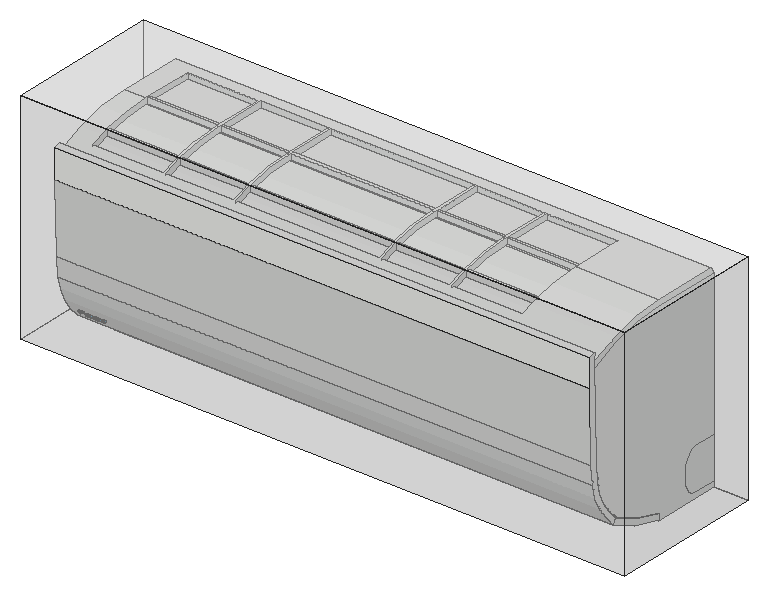
Revit family "outputfile", category 機械設備, Revit 2024
Family settings
  丸型コネクタ寸法 = 半径を使用
  パーツ タイプ = 標準
  OmniClass 番号 = 23.75.10.24.21.27.27
  OmniClass タイトル = Split System Air Conditioning Units
  作業面ベース = いいえ
  常に垂直 = はい
  ロード時にボイドで切り取り = いいえ
  注釈の向きを維持 = いいえ
  共有 = いいえ
  部屋計算ポイント = いいえ
Parameters (values of type "CTKP25VVMG")
  Description = ""
  書き出し IFC クラス(タイプ) = "IfcUnitaryEquipmentType"
  定義済み IFC タイプ(タイプ) = "AIRCONDITIONINGUNIT"
  Cost = 0
  Type Comments = ""
  Keynote = ""
  Type Image = (empty or 0)
  Assembly Code = ""
  w_wall hole = if(Width = 770.0 mm, 48.0 mm, 60.0 mm)  # 48.0 mm
  製造元 = "Daikin"
  モデル = "CTKP25VVMG"
  switch_frequency = yes
  r_Liquid Pipe Size = Liquid Pipe Size / 2  # 3.2 mm
  r_Gas Pipe Size = Gas Pipe Size / 2  # 4.75 mm
  r_Drain Pipe Size = Drain Pipe Size / 2  # 8.0 mm
  lw_powersupply [instance] = if(Width = 770.0 mm, if(or(Rear Right Connection_refrigerant, Bottom Right Connection_refrigerant), 25.0 mm, if(or(Rear Left Connection_refrigerant, Bottom Left Connection_refrigerant), 745.0 mm, 400.0 mm)), if(Width = 990.0 mm, if(or(Rear Right Connection_refrigerant, Bottom Right Connection_refrigerant), 40.0 mm, if(or(Rear Left Connection_refrigerant, Bottom Left Connection_refrigerant), 920.0 mm, 400.0 mm)), if(or(Rear Right Connection_refrigerant, Bottom Right Connection_refrigerant), 40.0 mm, if(or(Rear Left Connection_refrigerant, Bottom Left Connection_refrigerant), 920.0 mm, 400.0 mm))))  # 400.0 mm
  lw_liquidpipe [instance] = if(Width = 770.0 mm, if(or(Rear Right Connection_refrigerant, Bottom Right Connection_refrigerant), 0.0 mm, if(or(Rear Left Connection_refrigerant, Bottom Left Connection_refrigerant), 664.0 mm, 385.0 mm)), if(Width = 990.0 mm, if(or(Rear Right Connection_refrigerant, Bottom Right Connection_refrigerant), 0.0 mm, if(or(Rear Left Connection_refrigerant, Bottom Left Connection_refrigerant), 664.0 mm + (990.0 mm - 770.0 mm), 475.0 mm)), if(or(Rear Right Connection_refrigerant, Bottom Right Connection_refrigerant), 0.0 mm, if(or(Rear Left Connection_refrigerant, Bottom Left Connection_refrigerant), 664.0 mm + (990.0 mm - 770.0 mm), 475.0 mm))))  # 385.0 mm
  lw_gaspipe [instance] = if(Width = 770.0 mm, if(or(Rear Right Connection_refrigerant, Bottom Right Connection_refrigerant), 0.0 mm, if(or(Rear Left Connection_refrigerant, Bottom Left Connection_refrigerant), 675.0 mm, if(Gas Pipe Size = 12.7 mm, 345.0 mm, 335.0 mm))), if(Width = 990.0 mm, if(or(Rear Right Connection_refrigerant, Bottom Right Connection_refrigerant), 10.0 mm, if(or(Rear Left Connection_refrigerant, Bottom Left Connection_refrigerant), 890.0 mm, if(Gas Pipe Size = 15.9 mm, 400.0 mm, 400.0 mm))), if(or(Rear Right Connection_refrigerant, Bottom Right Connection_refrigerant), 10.0 mm, if(or(Rear Left Connection_refrigerant, Bottom Left Connection_refrigerant), 890.0 mm, if(Gas Pipe Size = 15.9 mm, 400.0 mm, 400.0 mm)))))  # 335.0 mm
  lw_drainpipe [instance] = if(Width = 770.0 mm, if(or(Rear Right Connection_refrigerant, Bottom Right Connection_refrigerant), 0.0 mm, if(or(Rear Left Connection_refrigerant, Bottom Left Connection_refrigerant), 770.0 mm - 48.0 mm - 48.0 mm, 440.0 mm)), if(Width = 990.0 mm, if(or(Rear Right Connection_refrigerant, Bottom Right Connection_refrigerant), 0.0 mm, if(or(Rear Left Connection_refrigerant, Bottom Left Connection_refrigerant), 675.0 mm + (990.0 mm - 770.0 mm), 435.0 mm)), if(or(Rear Right Connection_refrigerant, Bottom Right Connection_refrigerant), 0.0 mm, if(or(Rear Left Connection_refrigerant, Bottom Left Connection_refrigerant), 675.0 mm + (990.0 mm - 770.0 mm), 435.0 mm))))  # 440.0 mm
  l_powersupply_length [instance] = if(Width = 770.0 mm, if(Right Connection_refrigerant, 400.0 mm, if(Left Connection_refrigerant, 770.0 mm - 400.0 mm, if(or(Rear Left Connection_refrigerant, Rear Right Connection_refrigerant), 15.0 mm, 50.0 mm))), if(Width = 990.0 mm, if(Right Connection_refrigerant, 400.0 mm, if(Left Connection_refrigerant, 990.0 mm - 400.0 mm, if(or(Rear Left Connection_refrigerant, Rear Right Connection_refrigerant), 15.0 mm, 50.0 mm))), if(Right Connection_refrigerant, 400.0 mm, if(Left Connection_refrigerant, 990.0 mm - 400.0 mm, if(or(Rear Left Connection_refrigerant, Rear Right Connection_refrigerant), 15.0 mm, 50.0 mm)))))  # 400.0 mm
  l_liquidpipe_length [instance] = if(Width = 770.0 mm, if(Right Connection_refrigerant, 433.0 mm, if(Left Connection_refrigerant, 337.0 mm, if(or(Rear Left Connection_refrigerant, Rear Right Connection_refrigerant), 30.0 mm, 40.0 mm))), if(Width = 990.0 mm, if(Right Connection_refrigerant, 535.0 mm, if(Left Connection_refrigerant, 455.0 mm, if(or(Rear Left Connection_refrigerant, Rear Right Connection_refrigerant), 30.0 mm, 40.0 mm))), if(Right Connection_refrigerant, 535.0 mm, if(Left Connection_refrigerant, 455.0 mm, if(or(Rear Left Connection_refrigerant, Rear Right Connection_refrigerant), 30.0 mm, 40.0 mm)))))  # 433.0 mm
  l_gaspipe_length [instance] = if(Width = 770.0 mm, if(Right Connection_refrigerant, if(Gas Pipe Size = 12.7 mm, 393.0 mm, 383.0 mm), if(Left Connection_refrigerant, if(Gas Pipe Size = 12.7 mm, 770.0 mm - 393.0 mm, 770.0 mm - 383.0 mm), if(or(Rear Left Connection_refrigerant, Rear Right Connection_refrigerant), 40.0 mm, 50.0 mm))), if(Width = 990.0 mm, if(Right Connection_refrigerant, if(Gas Pipe Size = 15.9 mm, 460.0 mm, 460.0 mm), if(Left Connection_refrigerant, if(Gas Pipe Size = 15.9 mm, 990.0 mm - 460.0 mm, 990.0 mm - 460.0 mm), if(or(Rear Left Connection_refrigerant, Rear Right Connection_refrigerant), 40.0 mm, 50.0 mm))), if(Right Connection_refrigerant, if(Gas Pipe Size = 15.9 mm, 460.0 mm, 460.0 mm), if(Left Connection_refrigerant, if(Gas Pipe Size = 15.9 mm, 990.0 mm - 460.0 mm, 990.0 mm - 460.0 mm), if(or(Rear Left Connection_refrigerant, Rear Right Connection_refrigerant), 40.0 mm, 50.0 mm)))))  # 383.0 mm
  l_drainpipe_length [instance] = if(Width = 770.0 mm, if(Right Connection_refrigerant, 488.0 mm, if(Left Connection_refrigerant, 282.0 mm, if(or(Rear Left Connection_refrigerant, Rear Right Connection_refrigerant), 15.0 mm, 20.0 mm))), if(Width = 990.0 mm, if(Right Connection_refrigerant, 495.0 mm, if(Left Connection_refrigerant, 495.0 mm, if(or(Rear Left Connection_refrigerant, Rear Right Connection_refrigerant), 15.0 mm, 20.0 mm))), if(Right Connection_refrigerant, 495.0 mm, if(Left Connection_refrigerant, 495.0 mm, if(or(Rear Left Connection_refrigerant, Rear Right Connection_refrigerant), 15.0 mm, 20.0 mm)))))  # 488.0 mm
  h*** = 0.0 mm  # constant formula
  connector_voltage = Voltage_50Hz  # 230 V
  connector_powerinput = [Power Input (Cooling)]  # 0.000 kW
  connector_phase = Phase_50Hz  # 1
  angle_vertical [instance] = if(or(Bottom Left Connection_refrigerant, Bottom Right Connection_refrigerant), 0.00°, 90.00°)  # 90.00°
  angle_horizontal [instance] = if(Right Connection_refrigerant, 90.00°, if(Left Connection_refrigerant, -90.00°, if(or(Rear Left Connection_refrigerant, Rear Right Connection_refrigerant), 180.00°, 0.00°)))  # 90.00°
  Width = 770.0 mm
  Voltage_comment_50Hz = "220 - 240"
  Voltage_50Hz = 230 V
  Version = "ver.1.0"
  Unit Type = "Wall Mounted"
  Unit Mass Weight = 8.00 kg
  Unit Designation [instance] = ""
  Uniclass2015Version = "Products v1.30"
  Uniclass2015Title = "Split coil room air conditioning units"
  Uniclass2015Code = "Pr_70_65_03_86"
  URL = ""
  Total Cooling Capacity [instance] = 0.000 kW
  Sound Pressure Level_M speed (dBA) = 34
  Sound Pressure Level_L speed (dBA) = 26
  Sound Pressure Level_H speed (dBA) = 43
  Sound Power Level_H speed (dB) = 0
  Series = "Multi Split_Fan Coil Unit"
  Sensible Cooling Capacity [instance] = 0.000 kW
  Refrigerant Type = "R32"
  Power Input (Cooling) = 0.000 kW
  Phase_50Hz = 1
  Option Accessory 3 [instance] = ""
  Option Accessory 2 [instance] = ""
  Option Accessory 1 [instance] = ""
  Nominal Cooling Capacity = 2.500 kW
  Minimum Circuit Amps_50Hz = 0.0 A
  Minimum Airflow = 330.00 m³/h
  Median Airflow = 504.00 m³/h
  Maximum Fuse Amps_50Hz = 0.0 A
  Maximum Airflow = 708.00 m³/h
  Material_Casing = DAIKIN_White_Casing_indoorunit
  Load Classification = HVAC
  Liquid Pipe Size = 6.4 mm
  Link_Nested Family [instance] = ""
  IfcVersion = ""
  IfcExportType = "AIRCONDITIONINGUNIT"
  IfcExportAs = "IfcUnitaryEquipmentType"
  Height = 285.0 mm
  Heat Exchanger Type = "Cross Fin Coil"
  Gas Pipe Size = 9.5 mm
  Frequency_50Hz = 50 Hz
  Fan Type = "Cross Flow Fan"
  Fan Drive = "Direct Drive"
  FCU Tag No. [instance] = ""
  Drain Pipe Size = 16.0 mm
  Design Supply Airflow [instance] = 0.00 m³/h
  Depth = 223.0 mm
  既定の高さ = 0.0 mm
  Cooling Entering Wet Bulb Temperature [instance] = 0.00 °C
  Cooling Entering Dry Bulb Temperature [instance] = 0.00 °C
  Cooling Ambient Wet Bulb Temperature [instance] = 0.00 °C
  Cooling Ambient Dry Bulb Temperature [instance] = 0.00 °C
  Clearance visibility [instance] = yes
  Clearance Top = 30.0 mm
  Clearance Right = 50.0 mm
  Clearance Rear = 0.0 mm
  Clearance Left = 50.0 mm
  Clearance Front = 0.0 mm
  Clearance Bottom = 0.0 mm
  Bottom Right Connection_refrigerant [instance] = no
  Bottom Left Connection_refrigerant [instance] = no
  Rear Right Connection_refrigerant [instance] = no
  Rear Left Connection_refrigerant [instance] = no
  Right Connection_refrigerant [instance] = yes
  Left Connection_refrigerant [instance] = no
Reference planes
  plane 1 "Back": y = 0
  plane 2: z = 0
  plane 3 "Center (Left/Right)": x = 0
  plane 4 "Center (Front/Back)": y = -111.5
  plane 5 "Front": y = -223
  plane 6 "Left": x = -385
  plane 7 "Right": x = 385
  plane 8 "Top": z = 0
  plane 9 "Bottom": z = -285
  plane 10: x = -435
  plane 11: x = 435
  plane 12: y = 0
  plane 13: y = -223
  plane 14: z = 30
  plane 15: z = -285
  plane 16 "lw_Piping and Wiring intake": x = 337
  plane 17 "lw_gaspipe": x = 2
  plane 18 "lw_liquidpipe": x = -48
  plane 19 "lw_drainpipe": x = -103
  plane 20 "lh_drainpipe": z = -265
  plane 21 "lh_liquidpipe": z = -245
  plane 22 "lh_gaspipe": z = -235
  plane 23 "ld_drainpipe": y = -15
  plane 24 "ld_liquidpipe": y = -30
  plane 25 "ld_gaspipe": y = -40
  plane 26 "lw_powersupply": x = -15
Dimensions and locks
  equal spacing: plane 6 "Left", plane 3 "Center (Left/Right)", plane 7 "Right"
  "Width": plane 6 "Left" to plane 7 "Right"
  equal spacing: plane 5 "Front", plane 4 "Center (Front/Back)", plane 1 "Back"
  "Depth": plane 5 "Front" to plane 1 "Back"
  "Height": plane 8 "Top" to plane 9 "Bottom"
  "Clearance Rear": plane 12 to plane 1 "Back"
  "Clearance Front": plane 13 to plane 5 "Front"
  "Clearance Top": plane 14 to plane 8 "Top"
  "Clearance Bottom": plane 9 "Bottom" to plane 15
  "w_wall hole": plane 16 "lw_Piping and Wiring intake" to plane 7 "Right"
  "lw_gaspipe": plane 17 "lw_gaspipe" to plane 16 "lw_Piping and Wiring intake"
  "lw_liquidpipe": plane 18 "lw_liquidpipe" to plane 16 "lw_Piping and Wiring intake"
  "lw_drainpipe": plane 19 "lw_drainpipe" to plane 16 "lw_Piping and Wiring intake"
  locked: plane 20 "lh_drainpipe" to plane 9 "Bottom" at 20
  locked: plane 21 "lh_liquidpipe" to plane 9 "Bottom" at 40
  locked: plane 22 "lh_gaspipe" to plane 9 "Bottom" at 50
  locked: plane 23 "ld_drainpipe" to plane 1 "Back" at 15
  locked: plane 1 "Back" to plane 24 "ld_liquidpipe" at 30
  locked: plane 1 "Back" to plane 25 "ld_gaspipe" at 40
  "lw_powersupply": plane 26 "lw_powersupply" to plane 7 "Right"
  "Clearance Left": plane 10 to plane 6 "Left"
  "Clearance Right": plane 7 "Right" to plane 11
  aligned and locked: level to plane 2
  aligned and locked: plane 12 to nested 1
  aligned and locked: nested 1 to plane 13
  aligned and locked: plane 10 to nested 1
  aligned and locked: plane 11 to nested 1
  aligned and locked: plane 15 to nested 1
  aligned and locked: plane 14 to nested 1
  aligned and locked: plane 17 "lw_gaspipe" to nested 2
  aligned and locked: nested 2 to plane 25 "ld_gaspipe"
  aligned and locked: plane 18 "lw_liquidpipe" to nested 3
  aligned and locked: nested 3 to plane 24 "ld_liquidpipe"
  aligned and locked: plane 19 "lw_drainpipe" to nested 4
  aligned and locked: nested 4 to plane 23 "ld_drainpipe"
  aligned and locked: nested 5 to plane 23 "ld_drainpipe"
  aligned and locked: plane 26 "lw_powersupply" to nested 5
  aligned and locked: level to plane 8 "Top"
  aligned and locked: plane 3 "Center (Left/Right)" to nested 6
  aligned and locked: plane 1 "Back" to nested 6
  aligned and locked: plane 8 "Top" to nested 6
Nested families
  nested 1: "daikin_clearancespace" at (0, -111.5, -127.381), show <- "Clearance visibility", visible <- "Clearance visibility", Link_Nested Family <- "Link_Nested Family", type "daikin_clearancespace"
    with width 870.0 mm, show yes, height 315.0 mm, depth 223.0 mm, Link_Nested Family ""
  nested 2: "daikin_connector_rotate3" at (2, -40, -235), angle_vertical <- "angle_vertical", angle_horizontal <- "angle_horizontal", length <- "l_gaspipe_length", radius <- "r_Gas Pipe Size", type "daikin_connector_rotate3"
    with show no, radius 4.75 mm, length 383.0 mm, angle_vertical 90.00°, angle_horizontal 90.00°
  nested 3: "daikin_connector_rotate3" at (-48, -30, -245), angle_vertical <- "angle_vertical", angle_horizontal <- "angle_horizontal", radius <- "r_Liquid Pipe Size", length <- "l_liquidpipe_length", type "daikin_connector_rotate3"
    with show no, radius 3.2 mm, length 433.0 mm, angle_vertical 90.00°, angle_horizontal 90.00°
  nested 4: "daikin_connector_rotate3" at (-103, -15, -265), angle_vertical <- "angle_vertical", angle_horizontal <- "angle_horizontal", length <- "l_drainpipe_length", radius <- "r_Drain Pipe Size", type "daikin_connector_rotate3"
    with show no, radius 8.0 mm, length 488.0 mm, angle_vertical 90.00°, angle_horizontal 90.00°
  nested 5: "daikin_connector_rotate3" at (-15, -15, -235), angle_vertical <- "angle_vertical", angle_horizontal <- "angle_horizontal", length <- "l_powersupply_length", type "daikin_connector_rotate3"
    with show no, radius 10.0 mm, length 400.0 mm, angle_vertical 90.00°, angle_horizontal 90.00°
  nested 6: "DAIKIN_indoorunit_CTKP-VVMG" at (-31, 0, 0), type "CTKP-VVMG"
Connectors
  piping at (385, -40, -235), diameter 9.5, driven by "r_Gas Pipe Size"
    settings: on nested 2, index 1, connector inside diameter 609.6 mm, connector length 0.0 mm, flow factor 0, pipe flow 0.00 m³/h, pressure drop 0.0 Pa, fitting loss kfactor 0, connector angle 0.00°, fixture units 0, engagement length 0.0 mm, angle of deflection 0.00°, flow configuration 1, flow direction 2, fitting loss method 0, system type 29, joint type 0, gender type 0, connector reference index -1, connector utility 0, adjustable connector no, is connector primary yes, connector description "Refrigerant Gas Piping"
  piping at (385, -30, -245), diameter 6.4, driven by "r_Liquid Pipe Size"
    settings: on nested 3, index 2, connector inside diameter 609.6 mm, connector length 0.0 mm, flow factor 0, pipe flow 0.00 m³/h, pressure drop 0.0 Pa, fitting loss kfactor 0, connector angle 0.00°, fixture units 0, engagement length 0.0 mm, angle of deflection 0.00°, flow configuration 1, flow direction 1, fitting loss method 0, system type 29, joint type 0, gender type 0, connector reference index -1, connector utility 0, adjustable connector no, is connector primary no, connector description "Refrigerant Liquid Piping"
  piping at (385, -15, -265), diameter 16, driven by "r_Drain Pipe Size"
    settings: on nested 4, index 3, connector inside diameter 609.6 mm, connector length 0.0 mm, flow factor 0, pipe flow 0.00 m³/h, pressure drop 0.0 Pa, fitting loss kfactor 0, connector angle 0.00°, fixture units 0, engagement length 0.0 mm, angle of deflection 0.00°, flow configuration 1, flow direction 2, fitting loss method 4, system type 16, joint type 0, gender type 0, connector reference index -1, connector utility 0, adjustable connector no, is connector primary no, connector description "Condensate Drain Piping"
  electrical at (385, -15, -235), driven by "Load Classification", driven by "connector_powerinput", driven by "connector_voltage", driven by "connector_phase"
    settings: on nested 5, index 4, voltage 230 V, apparent load 0 VA, apparent load phase1 0 VA, apparent load phase2 0 VA, apparent load phase3 0 VA, power factor 1, load classification "HVAC", number of poles 1, system type 30, power factor state 1, is connector primary yes, connector utility no, sub classification motor no, connector description "Power Supply"
Definition of nested family "daikin_clearancespace"
  Parameters (values of type "daikin_clearancespace")
    Description = "daikin_clearancespace"
    width [instance] = 1823.963 mm
    show [instance] = yes
    material = none
    height [instance] = 1359.762 mm
    depth [instance] = 880.0 mm
    Default Elevation = 0.0 mm
    Link_Nested Family [instance] = ""
  Reference planes
    plane 1 "Center (Front/Back)": y = 0
    plane 2 "Center (Elevation)": z = -0.119
    plane 3 "Center (Left/Right)": x = 0
    plane 4: y = 440
    plane 5: y = -440
    plane 6 "Right": x = 911.982
    plane 7 "Left": x = -911.982
    plane 8 "Top": z = 679.762
    plane 9 "Bottom": z = -680
  Forms (mm)
    Extrusion 1, solid, material <- "material", visible <- "show"
      sketch origin (0, 0, 0) x (1, 0, 0) y (0, 1, 0)
        loop
          line (-911.982, 440) -> (-911.982, -440) -> (911.982, -440) -> (911.982, 440) -> (-911.982, 440)
      from -680 to 679.762
  Lines and regions (mm)
    symbolic lines, visible <- "show"
      curve 1: line (911.982, 440, 0) -> (-911.982, 440, 0)
      curve 2: line (-911.982, 440, 0) -> (-911.982, -440, 0)
      curve 3: line (-911.982, -440, 0) -> (911.982, -440, 0)
      curve 4: line (911.982, -440, 0) -> (911.982, 440, 0)
      curve 5: line (911.982, 0, 679.762) -> (-911.982, 0, 679.762)
      curve 6: line (911.982, 0, -680) -> (911.982, 0, 679.762)
      curve 7: line (-911.982, 0, -680) -> (911.982, 0, -680)
      curve 8: line (-911.982, 0, 679.762) -> (-911.982, 0, -680)
      curve 9: line (0, 440, 679.762) -> (0, -440, 679.762)
      curve 10: line (0, -440, 679.762) -> (0, -440, -680)
      curve 11: line (0, 440, -680) -> (0, 440, 679.762)
      curve 12: line (0, -440, -680) -> (0, 440, -680)
  Dimensions and locks
    "width": plane 7 "Left" to plane 6 "Right"
    "depth": plane 4 to plane 5
    "height": plane 8 "Top" to plane 9 "Bottom"
    equal spacing: plane 7 "Left", plane 3 "Center (Left/Right)", plane 6 "Right"
    equal spacing: plane 4, plane 1 "Center (Front/Back)", plane 5
    equal spacing: plane 8 "Top", plane 2 "Center (Elevation)", plane 9 "Bottom"
    aligned and locked: level to plane 2 "Center (Elevation)"
    aligned and locked: Extrusion 1 sketch curve to plane 4
    aligned and locked: plane 7 "Left" to Extrusion 1 sketch curve
    aligned and locked: Extrusion 1 sketch curve to plane 5
    aligned and locked: Extrusion 1 sketch curve to plane 6 "Right"
    aligned and locked: plane 8 "Top" to Extrusion 1
    aligned and locked: curve 1 to Extrusion 1
    aligned and locked: curve 2 to Extrusion 1
    aligned and locked: curve 3 to Extrusion 1
    aligned and locked: curve 4 to Extrusion 1
    aligned and locked: curve 5 to Extrusion 1
    aligned and locked: curve 6 to Extrusion 1
    aligned and locked: curve 7 to Extrusion 1
    aligned and locked: curve 8 to Extrusion 1
    aligned and locked: curve 9 to Extrusion 1
    aligned and locked: curve 10 to Extrusion 1
    aligned and locked: curve 11 to Extrusion 1
    aligned and locked: curve 12 to Extrusion 1
    aligned and locked: Extrusion 1 to plane 9 "Bottom"
Definition of nested family "DAIKIN_indoorunit_CTKP-VVMG"
  Parameters (values of type "CTKP-VVMG")
    switch_unit1_60 = Width = 990.0 mm  # no
    switch_unit1_25-50 = Width = 770.0 mm  # yes
    Width = 770.0 mm
    WALL HOLE-R = if(Width = 770.0 mm, 48.0 mm, 60.0 mm)  # 48.0 mm
    WALL HOLE Size = if(Width = 770.0 mm, 65.0 mm, 80.0 mm)  # 65.0 mm
    Material_Casing = none
    Height = if(Width = 770.0 mm, 285.0 mm, 295.0 mm)  # 285.0 mm
    Default Elevation = 0.0 mm
  Reference planes
    plane 1 "Center (Front/Back)": y = 0
    plane 2 "reference_level": z = 0
    plane 3 "Center (Left/Right)": x = 31
    plane 4: x = -354
    plane 5: x = 416
    plane 6: z = -285
  Forms (mm)
    Extrusion 1, solid, material <- "Material_Casing", visible <- "switch_unit1_25-50"
      sketch origin (29, 0, 0) x (0, 1, 0) y (0, 0, 1)
        loop
          line (-5, 0) -> (-98, 0)
          arc (-98, 0) -> (-157.611, -7.211) -> (-213.783, -28.427) r 250
          arc (-213.783, -28.427) -> (-213.842, -32.972) -> (-213.892, -37.516) r 2191
          arc (-213.892, -37.516) -> (-157.832, -15.495) -> (-98.07, -8) r 242
          line (-98.07, -8) -> (0, -8) -> (-5, 0)
      from -383 to 387
    Extrusion 2, solid, material <- "Material_Casing", visible <- "switch_unit1_25-50"
      sketch origin (416, 1296.25, 1200) x (0, 1, 0) y (0, 0, 1)
        loop
          line (-1472.998, -1446.91) -> (-1476.998, -1453.839)
          arc (-1476.998, -1453.839) -> (-1437.481, -1472.422) -> (-1395.25, -1483.538) r 240
          line (-1395.25, -1483.538) -> (-1395.25, -1475.422)
          arc (-1395.25, -1475.422) -> (-1435.407, -1464.663) -> (-1472.998, -1446.91) r 232
      from 0 to -47.5
    Extrusion 3, solid, material <- "Material_Casing", visible <- "switch_unit1_25-50"
      sketch origin (29, 0, 0) x (0, 1, 0) y (0, 0, 1)
        loop
          arc (-223, -60.455) -> (-222.414, -110.646) -> (-220.656, -160.81) r 2149.92
          arc (-220.656, -160.81) -> (-219.65, -174.299) -> (-217.853, -187.706) r 229.911
          arc (-217.853, -187.706) -> (-205.371, -223.594) -> (-181.517, -253.17) r 111
          line (-181.517, -253.17) -> (-177.429, -246.093)
          arc (-177.429, -246.093) -> (-198.77, -218.989) -> (-209.965, -186.36) r 103
          arc (-209.965, -186.36) -> (-211.681, -173.586) -> (-212.651, -160.735) r 221.844
          arc (-212.651, -160.735) -> (-214.739, -93.233) -> (-214.74, -25.699) r 2186.828
          arc (-214.74, -25.699) -> (-214.671, -21.467) -> (-214.594, -17.235) r 2192
          line (-214.594, -17.235) -> (-223, -19.961) -> (-223, -60.455)
      from -383 to 387
    Extrusion 4, solid, material <- "Material_Casing", visible <- "switch_unit1_25-50"
      sketch origin (29, 0, -20) x (0, 1, 0) y (0, 0, 1)
        loop
          line (0, -265) -> (0, 12) -> (-98.07, 12)
          arc (-98.07, 12) -> (-157.832, 4.505) -> (-213.892, -17.516) r 242
          arc (-213.892, -17.516) -> (-213.638, -79.114) -> (-211.653, -140.681) r 2191
          arc (-211.653, -140.681) -> (-210.685, -153.501) -> (-208.973, -166.243) r 221
          arc (-208.973, -166.243) -> (-197.471, -199.282) -> (-175.482, -226.491) r 102
          arc (-175.482, -226.491) -> (-138.004, -244.019) -> (-98, -254.579) r 231
          line (-98, -254.579) -> (-98, -265) -> (0, -265)
      from -383 to 387
    Extrusion 5, solid, material <- "Material_Casing", visible <- "switch_unit1_25-50"
      sketch origin (-354, 1296.25, 1200) x (0, 1, 0) y (0, 0, 1)
        loop
          line (-1472.998, -1446.91) -> (-1476.998, -1453.839)
          arc (-1476.998, -1453.839) -> (-1437.481, -1472.422) -> (-1395.25, -1483.538) r 240
          line (-1395.25, -1483.538) -> (-1395.25, -1475.422)
          arc (-1395.25, -1475.422) -> (-1435.407, -1464.663) -> (-1472.998, -1446.91) r 232
      from 47 to 0
    Extrusion 6, solid, material <- "Material_Casing", visible <- "switch_unit1_25-50"
      sketch origin (416, 1296.25, 1200) x (0, 1, 0) y (0, 0, 1)
        loop
          line (-1472.998, -1446.91) -> (-1476.998, -1453.839)
          arc (-1476.998, -1453.839) -> (-1443.437, -1470.168) -> (-1407.75, -1481.097) r 240
          line (-1407.75, -1481.097) -> (-1407.75, -1472.894)
          arc (-1407.75, -1472.894) -> (-1441.363, -1462.385) -> (-1472.998, -1446.91) r 232
      from -116.993 to -48.493
    Extrusion 7, solid, material <- "Material_Casing", visible <- "switch_unit1_25-50"
      sketch origin (416, 1296.25, 1200) x (0, 1, 0) y (0, 0, 1)
        loop
          line (-1472.998, -1446.91) -> (-1476.998, -1453.839)
          arc (-1476.998, -1453.839) -> (-1443.437, -1470.168) -> (-1407.75, -1481.097) r 240
          line (-1407.75, -1481.097) -> (-1407.75, -1472.894)
          arc (-1407.75, -1472.894) -> (-1441.363, -1462.385) -> (-1472.998, -1446.91) r 232
      from -717 to -121.993
    Extrusion 8, void
      sketch origin (31, 0, -235) x (1, 0, 0) y (0, 1, 0)
        loop
          line (-252.674, -22.316) -> (-354.941, -22.316) -> (-354.941, -91.341) -> (-252.674, -91.341) -> (-252.674, -22.316)
        loop
          line (-249.341, -91.341) -> (-151.574, -91.341) -> (-151.574, -22.316) -> (-249.341, -22.316) -> (-249.341, -91.341)
        loop
          line (58.309, -22.316) -> (-148.309, -22.316) -> (-148.309, -91.341) -> (58.309, -91.341) -> (58.309, -22.316)
        loop
          line (61.689, -22.316) -> (61.689, -91.341) -> (159.457, -91.341) -> (159.457, -22.316) -> (61.689, -22.316)
        loop
          line (162.789, -22.316) -> (162.789, -91.341) -> (265.057, -91.341) -> (265.057, -22.316) -> (162.789, -22.316)
        loop
          line (-354.941, -94.659) -> (-354.941, -165.259) -> (-252.674, -165.259) -> (-252.674, -94.659) -> (-354.941, -94.659)
        loop
          line (-249.341, -94.659) -> (-249.341, -165.259) -> (-151.574, -165.259) -> (-151.574, -94.659) -> (-249.341, -94.659)
        loop
          line (-148.309, -94.659) -> (-148.309, -165.259) -> (58.309, -165.259) -> (58.309, -94.659) -> (-148.309, -94.659)
        loop
          line (61.689, -94.659) -> (61.689, -165.259) -> (159.457, -165.259) -> (159.457, -94.659) -> (61.689, -94.659)
        loop
          line (162.789, -94.659) -> (162.789, -165.259) -> (265.057, -165.259) -> (265.057, -94.659) -> (162.789, -94.659)
        loop
          line (-354.941, -167.382) -> (-354.941, -192.681) -> (-252.674, -192.681) -> (-252.674, -167.382) -> (-354.941, -167.382)
        loop
          line (-249.341, -167.382) -> (-249.341, -192.681) -> (-151.574, -192.681) -> (-151.574, -167.382) -> (-249.341, -167.382)
        loop
          line (-148.309, -167.382) -> (-148.309, -192.681) -> (58.309, -192.681) -> (58.309, -167.382) -> (-148.309, -167.382)
        loop
          line (159.457, -167.382) -> (61.689, -167.382) -> (61.689, -192.681) -> (159.457, -192.681) -> (159.457, -167.382)
        loop
          line (265.057, -167.382) -> (162.789, -167.382) -> (162.789, -192.681) -> (265.057, -192.681) -> (265.057, -167.382)
      from 201.638 to 250
    Extrusion 9, solid, material <- "Material_Casing"
      sketch origin (31, 0, 0) x (1, 0, 0) y (0, 0, 1)
        loop
          circle (337, -240.5) r 32.5
        loop
          circle (-337, -240.5) r 32.5
      from 0 to 5
    Extrusion 10, solid, material <- "Material_Casing", visible <- "switch_unit1_25-50"
      sketch origin (416, 1296.25, 1200) x (0, -1, 0) y (0, 0, 1)
        loop
          line (1326.25, -1417) -> (1296.25, -1417) -> (1296.25, -1477) -> (1326.25, -1477)
          arc (1326.25, -1477) -> (1340.393, -1471.142) -> (1346.25, -1457) r 20
          line (1346.25, -1457) -> (1346.25, -1437)
          arc (1346.25, -1437) -> (1340.393, -1422.858) -> (1326.25, -1417) r 20
      from 0 to 5
    Extrusion 11, solid, material <- "Material_Casing", visible <- "switch_unit1_25-50"
      sketch origin (-354, 1296.25, 1200) x (0, 1, 0) y (0, 0, 1)
        loop
          line (-1296.25, -1417) -> (-1326.25, -1417)
          arc (-1326.25, -1417) -> (-1340.393, -1422.858) -> (-1346.25, -1437) r 20
          line (-1346.25, -1437) -> (-1346.25, -1457)
          arc (-1346.25, -1457) -> (-1340.393, -1471.142) -> (-1326.25, -1477) r 20
          line (-1326.25, -1477) -> (-1296.25, -1477) -> (-1296.25, -1417)
      from 0 to 5
    Extrusion 12, solid, material <- "Material_Casing", visible <- "switch_unit1_25-50"
      sketch origin (31, 0, -285) x (-1, 0, 0) y (0, -1, 0)
        loop
          line (-314, 0) -> (-314, 30)
          arc (-314, 30) -> (-319.858, 44.142) -> (-334, 50) r 20
          line (-334, 50) -> (-354, 50)
          arc (-354, 50) -> (-368.142, 44.142) -> (-374, 30) r 20
          line (-374, 30) -> (-374, 0) -> (-314, 0)
        loop
          line (374, 0) -> (374, 30)
          arc (374, 30) -> (368.142, 44.142) -> (354, 50) r 20
          line (354, 50) -> (334, 50)
          arc (334, 50) -> (319.858, 44.142) -> (314, 30) r 20
          line (314, 30) -> (314, 0) -> (374, 0)
      from 0 to 5
    Extrusion 13, solid, material <- "Material_Casing", visible <- "switch_unit1_60"
      sketch origin (31, 0, 0) x (0, 1, 0) y (0, 0, 1)
        loop
          line (-5, 0) -> (-138, 0)
          arc (-138, 0) -> (-197.611, -7.211) -> (-253.783, -28.427) r 250
          arc (-253.783, -28.427) -> (-253.838, -32.687) -> (-253.886, -36.946) r 2191
          arc (-253.886, -36.946) -> (-197.73, -15.346) -> (-138.014, -8) r 246.393
          line (-138.014, -8) -> (0, -8) -> (-5, 0)
      from -495 to 495
    Extrusion 14, solid, material <- "Material_Casing", visible <- "switch_unit1_60"
      sketch origin (418, 1296.25, 1200) x (0, 1, 0) y (0, 0, 1)
        loop
          arc (-1515.208, -1454.149) -> (-1506.856, -1460.599) -> (-1497.925, -1466.219) r 110
          arc (-1497.925, -1466.219) -> (-1445.718, -1487.493) -> (-1389.844, -1494.995) r 223
          line (-1389.844, -1494.995) -> (-1389.844, -1486.086) -> (-1404.386, -1486.086)
          arc (-1404.386, -1486.086) -> (-1449.542, -1477.46) -> (-1491.818, -1459.402) r 214.289
          arc (-1491.818, -1459.402) -> (-1501.056, -1453.541) -> (-1509.606, -1446.715) r 101
          line (-1509.606, -1446.715) -> (-1515.208, -1454.149)
      from 108 to 57.5
    Extrusion 15, solid, material <- "Material_Casing", visible <- "switch_unit1_60"
      sketch origin (31, 0, 0) x (0, 1, 0) y (0, 0, 1)
        loop
          line (-263, -19.962) -> (-263, -61.6)
          arc (-263, -61.6) -> (-262.414, -110.219) -> (-260.656, -158.81) r 2017.341
          arc (-260.656, -158.81) -> (-255.648, -191.935) -> (-244.041, -223.362) r 164.725
          arc (-244.041, -223.362) -> (-233.569, -239.793) -> (-219.717, -253.495) r 87.379
          line (-219.717, -253.495) -> (-214.706, -246.846)
          arc (-214.706, -246.846) -> (-229.564, -230.029) -> (-240.385, -210.371) r 102
          arc (-240.385, -210.371) -> (-249.049, -182.962) -> (-252.848, -154.467) r 165.789
          arc (-252.848, -154.467) -> (-254.771, -90.102) -> (-254.74, -25.708) r 2122.533
          arc (-254.74, -25.708) -> (-254.671, -21.469) -> (-254.594, -17.23) r 2192
          line (-254.594, -17.23) -> (-263, -19.962)
      from -495 to 495
    Extrusion 16, void
      sketch origin (33, 0, 0) x (1, 0, 0) y (0, 1, 0)
        loop
          line (-466.909, -22.316) -> (-466.909, -111.341) -> (-366.303, -111.341) -> (-366.303, -22.316) -> (-466.909, -22.316)
        loop
          line (-362.71, -22.316) -> (-362.71, -111.341) -> (-262.103, -111.341) -> (-262.103, -22.316) -> (-362.71, -22.316)
        loop
          line (-258.51, -22.316) -> (-258.51, -111.341) -> (-157.904, -111.341) -> (-157.904, -22.316) -> (-258.51, -22.316)
        loop
          line (-154.31, -22.316) -> (-154.31, -111.341) -> (-53.704, -111.341) -> (-53.704, -22.316) -> (-154.31, -22.316)
        loop
          line (-50.11, -22.316) -> (-50.11, -111.341) -> (50.496, -111.341) -> (50.496, -22.316) -> (-50.11, -22.316)
        loop
          line (54.089, -22.316) -> (54.089, -111.341) -> (154.696, -111.341) -> (154.696, -22.316) -> (54.089, -22.316)
        loop
          line (158.289, -22.316) -> (158.289, -111.341) -> (258.895, -111.341) -> (258.895, -22.316) -> (158.289, -22.316)
        loop
          line (262.489, -22.316) -> (262.489, -111.341) -> (363.095, -111.341) -> (363.095, -22.316) -> (262.489, -22.316)
        loop
          line (-466.909, -114.459) -> (-466.909, -185.059) -> (-366.303, -185.059) -> (-366.303, -114.459) -> (-466.909, -114.459)
        loop
          line (-362.71, -114.459) -> (-362.71, -185.059) -> (-262.103, -185.059) -> (-262.103, -114.459) -> (-362.71, -114.459)
        loop
          line (-258.51, -114.459) -> (-258.51, -185.059) -> (-157.904, -185.059) -> (-157.904, -114.459) -> (-258.51, -114.459)
        loop
          line (-154.31, -114.459) -> (-154.31, -185.059) -> (-53.704, -185.059) -> (-53.704, -114.459) -> (-154.31, -114.459)
        loop
          line (-50.11, -114.459) -> (-50.11, -185.059) -> (50.496, -185.059) -> (50.496, -114.459) -> (-50.11, -114.459)
        loop
          line (54.089, -114.459) -> (54.089, -185.059) -> (154.696, -185.059) -> (154.696, -114.459) -> (54.089, -114.459)
        loop
          line (158.289, -114.459) -> (158.289, -185.059) -> (258.895, -185.059) -> (258.895, -114.459) -> (158.289, -114.459)
        loop
          line (262.489, -114.459) -> (262.489, -185.059) -> (363.095, -185.059) -> (363.095, -114.459) -> (262.489, -114.459)
        loop
          line (-466.909, -187.382) -> (-466.909, -232.681) -> (-366.303, -232.681) -> (-366.303, -187.382) -> (-466.909, -187.382)
        loop
          line (-362.71, -187.382) -> (-362.71, -232.681) -> (-262.103, -232.681) -> (-262.103, -187.382) -> (-362.71, -187.382)
        loop
          line (-258.51, -187.382) -> (-258.51, -232.681) -> (-157.904, -232.681) -> (-157.904, -187.382) -> (-258.51, -187.382)
        loop
          line (-154.31, -187.382) -> (-154.31, -232.681) -> (-53.704, -232.681) -> (-53.704, -187.382) -> (-154.31, -187.382)
        loop
          line (-50.11, -187.382) -> (-50.11, -232.681) -> (50.496, -232.681) -> (50.496, -187.382) -> (-50.11, -187.382)
        loop
          line (54.089, -187.382) -> (54.089, -232.681) -> (154.696, -232.681) -> (154.696, -187.382) -> (54.089, -187.382)
        loop
          line (158.289, -187.382) -> (158.289, -232.681) -> (258.895, -232.681) -> (258.895, -187.382) -> (158.289, -187.382)
        loop
          line (262.489, -187.382) -> (262.489, -232.681) -> (363.095, -232.681) -> (363.095, -187.382) -> (262.489, -187.382)
      from -40.013 to 47.268
    Extrusion 17, solid, material <- "Material_Casing", visible <- "switch_unit1_60"
      sketch origin (-356, 1296.25, 1200) x (0, 1, 0) y (0, 0, -1)
        loop
          line (-1515.208, 1454.149) -> (-1509.606, 1446.715)
          arc (-1509.606, 1446.715) -> (-1501.056, 1453.541) -> (-1491.818, 1459.402) r 101
          arc (-1491.818, 1459.402) -> (-1449.542, 1477.46) -> (-1404.386, 1486.086) r 214.289
          line (-1404.386, 1486.086) -> (-1389.844, 1486.086) -> (-1389.844, 1494.995)
          arc (-1389.844, 1494.995) -> (-1445.718, 1487.493) -> (-1497.925, 1466.219) r 223
          arc (-1497.925, 1466.219) -> (-1506.856, 1460.599) -> (-1515.208, 1454.149) r 110
      from 108 to 61
    Extrusion 18, solid, material <- "Material_Casing", visible <- "switch_unit1_60"
      sketch origin (418, 1296.25, 1200) x (0, 1, 0) y (0, 0, 1)
        loop
          arc (-1515.208, -1454.149) -> (-1506.856, -1460.599) -> (-1497.925, -1466.219) r 110
          arc (-1497.925, -1466.219) -> (-1463.185, -1482.066) -> (-1426.25, -1491.755) r 223
          line (-1426.25, -1491.755) -> (-1426.25, -1483.166)
          arc (-1426.25, -1483.166) -> (-1460.008, -1473.969) -> (-1491.818, -1459.402) r 214.289
          arc (-1491.818, -1459.402) -> (-1501.056, -1453.541) -> (-1509.606, -1446.715) r 101
          line (-1509.606, -1446.715) -> (-1515.208, -1454.149)
      from 56.5 to -36.993
    Extrusion 19, solid, material <- "Material_Casing", visible <- "switch_unit1_60"
      sketch origin (418, 1296.25, 1200) x (0, 1, 0) y (0, 0, 1)
        loop
          arc (-1426.25, -1483.166) -> (-1443.442, -1479.224) -> (-1460.25, -1473.881) r 214.289
          line (-1460.25, -1473.881) -> (-1460.25, -1483.089)
          arc (-1460.25, -1483.089) -> (-1443.421, -1488.091) -> (-1426.25, -1491.755) r 223
          line (-1426.25, -1491.755) -> (-1426.25, -1483.166)
      from -43.493 to -828.893
    Extrusion 20, solid, material <- "Material_Casing", visible <- "switch_unit1_60"
      sketch origin (418, 1296.25, 1200) x (0, 1, 0) y (0, 0, 1)
        loop
          arc (-1515.208, -1454.149) -> (-1506.856, -1460.599) -> (-1497.925, -1466.219) r 110
          arc (-1497.925, -1466.219) -> (-1479.479, -1475.527) -> (-1460.25, -1483.089) r 223
          line (-1460.25, -1483.089) -> (-1460.25, -1473.881)
          arc (-1460.25, -1473.881) -> (-1476.328, -1467.282) -> (-1491.818, -1459.402) r 214.289
          arc (-1491.818, -1459.402) -> (-1501.056, -1453.541) -> (-1509.606, -1446.715) r 101
          line (-1509.606, -1446.715) -> (-1515.208, -1454.149)
      from -43.493 to -828.893
    Extrusion 21, solid, material <- "Material_Casing", visible <- "switch_unit1_60"
      sketch origin (31, 0, -30) x (0, 1, 0) y (0, 0, 1)
        loop
          line (0, 22) -> (-138.014, 22)
          arc (-138.014, 22) -> (-197.73, 14.654) -> (-253.886, -6.946) r 246.393
          arc (-253.886, -6.946) -> (-253.682, -65.635) -> (-251.855, -124.295) r 2120.935
          arc (-251.855, -124.295) -> (-248.086, -152.682) -> (-239.461, -179.988) r 164.789
          arc (-239.461, -179.988) -> (-228.903, -199.231) -> (-214.437, -215.738) r 101
          line (-214.437, -215.738) -> (-212.406, -216.221)
          arc (-212.406, -216.221) -> (-204.07, -222.837) -> (-195.079, -228.53) r 100
          arc (-195.079, -228.53) -> (-145.557, -248.629) -> (-92.593, -255.785) r 213.289
          line (-92.593, -255.785) -> (-92.593, -265) -> (0, -265) -> (0, 22)
      from -495 to 495
    Extrusion 22, solid, material <- "Material_Casing", visible <- "switch_unit1_60"
      sketch origin (526, 1296.25, 1200) x (0, -1, 0) y (0, 0, 1)
        loop
          line (1326.25, -1427.035) -> (1296.25, -1427.035) -> (1296.25, -1487.035) -> (1326.25, -1487.035)
          arc (1326.25, -1487.035) -> (1340.393, -1481.177) -> (1346.25, -1467.035) r 20
          line (1346.25, -1467.035) -> (1346.25, -1447.035)
          arc (1346.25, -1447.035) -> (1340.393, -1432.892) -> (1326.25, -1427.035) r 20
      from 0 to 5
    Extrusion 23, solid, material <- "Material_Casing", visible <- "switch_unit1_60"
      sketch origin (-459, 1296.25, 1200) x (0, -1, 0) y (0, 0, 1)
        loop
          line (1326.25, -1427.035) -> (1296.25, -1427.035) -> (1296.25, -1487.035) -> (1326.25, -1487.035)
          arc (1326.25, -1487.035) -> (1340.393, -1481.177) -> (1346.25, -1467.035) r 20
          line (1346.25, -1467.035) -> (1346.25, -1447.035)
          arc (1346.25, -1447.035) -> (1340.393, -1432.892) -> (1326.25, -1427.035) r 20
      from 0 to 5
    Extrusion 24, solid, material <- "Material_Casing", visible <- "switch_unit1_60"
      sketch origin (31, 200, -295) x (-1, 0, 0) y (0, -1, 0)
        loop
          line (469, 200) -> (469, 230)
          arc (469, 230) -> (463.142, 244.142) -> (449, 250) r 20
          line (449, 250) -> (429, 250)
          arc (429, 250) -> (414.858, 244.142) -> (409, 230) r 20
          line (409, 230) -> (409, 200) -> (469, 200)
        loop
          line (-469, 200) -> (-409, 200) -> (-409, 230)
          arc (-409, 230) -> (-414.858, 244.142) -> (-429, 250) r 20
          line (-429, 250) -> (-449, 250)
          arc (-449, 250) -> (-463.142, 244.142) -> (-469, 230) r 20
          line (-469, 230) -> (-469, 200)
      from 0 to 5
  Cuts and joins
    Extrusion 8 cuts Extrusion 1
    Extrusion 16 cuts Extrusion 13
  Lines and regions (mm)
    reference lines
      curve 1: line (-523, -201.911, -229.404) -> (-523, -193.542, -239.977)
      curve 2: line (-523, -240.779, -229.404) -> (-523, -232.411, -239.977)
  Dimensions and locks
    locked: Extrusion 10 sketch curve to Extrusion 10 sketch curve at 60
    locked: Extrusion 10 sketch curve to Extrusion 10 sketch curve at 50
    locked: Extrusion 12 sketch curve to Extrusion 12 sketch curve at 60  (x2)
    locked: Extrusion 12 sketch curve to Extrusion 12 sketch curve at 50
    equal spacing: plane 5, plane 3 "Center (Left/Right)", plane 4
    "Width": plane 5 to plane 4
    locked: Extrusion 9 sketch curve to plane 4 at 48
    "WALL HOLE-R": plane 5 to Extrusion 9 sketch curve
    "Height": plane 2 "reference_level" to plane 6
    locked: Extrusion 9 sketch curve to plane 6 at 44.5  (x2)
    locked: Extrusion 15 to nested 2 at 15
    locked: Extrusion 22 sketch curve to Extrusion 22 sketch curve at 60
    locked: Extrusion 22 sketch curve to Extrusion 22 sketch curve at 50
    locked: Extrusion 23 sketch curve to Extrusion 23 sketch curve at 60
    locked: Extrusion 23 sketch curve to Extrusion 23 sketch curve at 50
    locked: Extrusion 24 sketch curve to Extrusion 24 sketch curve at 60  (x2)
    locked: Extrusion 24 sketch curve to Extrusion 24 sketch curve at 50  (x2)
    "WALL HOLE Size": diameter of Extrusion 9 sketch curve  (x2)
    aligned and locked: level to plane 2 "reference_level"
    aligned and locked: nested 1 to curve 1
    aligned and locked: Extrusion 11 sketch curve to Extrusion 10  (x4)
    aligned and locked: Extrusion 12 sketch curve to Extrusion 12 sketch curve  (x2)
    aligned and locked: Extrusion 9 to plane 1 "Center (Front/Back)"
    aligned and locked: nested 2 to curve 2
  Automatic sketch dimensions
    curve 1 to level = 239.977 mm
    plane 1 "Center (Front/Back)" to curve 1 = 193.542 mm
    curve 2 to curve 1 = 0.0 mm
    curve 2 to curve 2 = 10.573 mm
    curve 1 to curve 1 = 10.573 mm
    curve 1 to curve 1 = 8.368 mm
    curve 1 to curve 2 = 30.5 mm
    curve 2 to curve 2 = 8.368 mm
    Extrusion 1 sketch curve to level = 0.0 mm
    Extrusion 1 sketch curve to plane 1 "Center (Front/Back)" = 0.0 mm
    plane 1 "Center (Front/Back)" to Extrusion 1 sketch curve = 5.0 mm
    plane 1 "Center (Front/Back)" to Extrusion 1 sketch curve = 98.0 mm
    Extrusion 1 sketch curve to Extrusion 1 sketch curve = 0.07 mm
    Extrusion 1 sketch curve to level = 59.292 mm
    Extrusion 1 sketch curve to plane 1 "Center (Front/Back)" = 1977.0 mm
    Extrusion 1 sketch curve to level = 250.0 mm
    Extrusion 1 sketch curve to Extrusion 1 sketch curve = 0.0 mm
    Extrusion 1 sketch curve to level = 8.0 mm
    Extrusion 1 sketch curve to level = 28.427 mm
    plane 1 "Center (Front/Back)" to Extrusion 2 sketch curve = 180.748 mm
    Extrusion 2 sketch curve to Extrusion 2 sketch curve = 4.0 mm
    Extrusion 2 sketch curve to Extrusion 2 sketch curve = 77.747 mm
    plane 1 "Center (Front/Back)" to Extrusion 2 sketch curve = 59.279 mm
    Extrusion 2 sketch curve to Extrusion 2 sketch curve = 0.0 mm
    Extrusion 2 sketch curve to level = 283.538 mm
    Extrusion 2 sketch curve to Extrusion 2 sketch curve = 8.116 mm
    Extrusion 2 sketch curve to Extrusion 2 sketch curve = 21.583 mm
    Extrusion 2 sketch curve to Extrusion 2 sketch curve = 6.929 mm
    Extrusion 3 sketch curve to level = 19.961 mm
    plane 1 "Center (Front/Back)" to Extrusion 3 sketch curve = 223.0 mm
    Extrusion 3 sketch curve to level = 17.235 mm
    Extrusion 3 sketch curve to Extrusion 3 sketch curve = 8.406 mm
    plane 1 "Center (Front/Back)" to Extrusion 3 sketch curve = 181.517 mm
    Extrusion 3 sketch curve to Extrusion 3 sketch curve = 4.087 mm
    Extrusion 3 sketch curve to Extrusion 3 sketch curve = 69.11 mm
    Extrusion 3 sketch curve to Extrusion 3 sketch curve = 0.001 mm
    Extrusion 3 sketch curve to plane 1 "Center (Front/Back)" = 8.955 mm
    Extrusion 3 sketch curve to Extrusion 3 sketch curve = 0.067 mm
    Extrusion 3 sketch curve to level = 60.455 mm
    Extrusion 3 sketch curve to Extrusion 3 sketch curve = 1917.898 mm
    Extrusion 3 sketch curve to Extrusion 3 sketch curve = 44.907 mm
    Extrusion 3 sketch curve to Extrusion 3 sketch curve = 5.172 mm
    Extrusion 3 sketch curve to level = 150.456 mm
    Extrusion 3 sketch curve to Extrusion 3 sketch curve = 0.006 mm
    Extrusion 3 sketch curve to Extrusion 3 sketch curve = 19.265 mm
    Extrusion 3 sketch curve to Extrusion 3 sketch curve = 0.004 mm
    Extrusion 3 sketch curve to Extrusion 3 sketch curve = 76.368 mm
    Extrusion 3 sketch curve to Extrusion 3 sketch curve = 7.077 mm
    Extrusion 3 sketch curve to Extrusion 3 sketch curve = 1.002 mm
    Extrusion 3 sketch curve to Extrusion 3 sketch curve = 0.046 mm
    Extrusion 3 sketch curve to Extrusion 3 sketch curve = 8.005 mm
    Extrusion 3 sketch curve to Extrusion 3 sketch curve = 0.147 mm
    Extrusion 3 sketch curve to Extrusion 3 sketch curve = 0.0 mm
    Extrusion 4 sketch curve to plane 1 "Center (Front/Back)" = 0.0 mm
    plane 1 "Center (Front/Back)" to Extrusion 4 sketch curve = 59.278 mm
    Extrusion 4 sketch curve to Extrusion 4 sketch curve = 98.0 mm
    Extrusion 4 sketch curve to Extrusion 4 sketch curve = 0.0 mm  (x3)
    Extrusion 4 sketch curve to level = 8.0 mm
    Extrusion 4 sketch curve to Extrusion 4 sketch curve = 38.791 mm
    Extrusion 4 sketch curve to Extrusion 4 sketch curve = 10.249 mm
    Extrusion 4 sketch curve to plane 1 "Center (Front/Back)" = 9.11 mm
    Extrusion 4 sketch curve to level = 59.292 mm
    Extrusion 4 sketch curve to Extrusion 4 sketch curve = 1967.89 mm
    Extrusion 4 sketch curve to Extrusion 4 sketch curve = 142.454 mm
    Extrusion 4 sketch curve to Extrusion 4 sketch curve = 19.271 mm
    Extrusion 4 sketch curve to Extrusion 4 sketch curve = 80.275 mm
    Extrusion 4 sketch curve to Extrusion 4 sketch curve = 24.579 mm
    Extrusion 4 sketch curve to Extrusion 4 sketch curve = 10.421 mm
    Extrusion 4 sketch curve to level = 46.847 mm
    Extrusion 4 sketch curve to Extrusion 4 sketch curve = 77.412 mm
    Extrusion 4 sketch curve to Extrusion 4 sketch curve = 33.49 mm
    Extrusion 4 sketch curve to Extrusion 4 sketch curve = 2.68 mm
    plane 1 "Center (Front/Back)" to Extrusion 5 sketch curve = 180.748 mm
    Extrusion 5 sketch curve to Extrusion 5 sketch curve = 4.0 mm
    Extrusion 5 sketch curve to Extrusion 5 sketch curve = 77.747 mm
    plane 1 "Center (Front/Back)" to Extrusion 5 sketch curve = 59.279 mm
    Extrusion 5 sketch curve to Extrusion 5 sketch curve = 0.0 mm
    Extrusion 5 sketch curve to level = 283.538 mm
    Extrusion 5 sketch curve to Extrusion 5 sketch curve = 8.116 mm
    Extrusion 5 sketch curve to Extrusion 5 sketch curve = 21.583 mm
    Extrusion 5 sketch curve to Extrusion 5 sketch curve = 6.929 mm
    plane 1 "Center (Front/Back)" to Extrusion 6 sketch curve = 180.748 mm
    Extrusion 6 sketch curve to Extrusion 6 sketch curve = 4.0 mm
    Extrusion 6 sketch curve to Extrusion 6 sketch curve = 65.247 mm
    plane 1 "Center (Front/Back)" to Extrusion 6 sketch curve = 59.279 mm
    Extrusion 6 sketch curve to Extrusion 6 sketch curve = 0.0 mm
    Extrusion 6 sketch curve to level = 281.097 mm
    Extrusion 6 sketch curve to Extrusion 6 sketch curve = 8.203 mm
    Extrusion 6 sketch curve to Extrusion 6 sketch curve = 19.055 mm
    Extrusion 6 sketch curve to Extrusion 6 sketch curve = 6.929 mm
    plane 1 "Center (Front/Back)" to Extrusion 7 sketch curve = 180.748 mm
    Extrusion 7 sketch curve to Extrusion 7 sketch curve = 4.0 mm
    Extrusion 7 sketch curve to Extrusion 7 sketch curve = 65.247 mm
    plane 1 "Center (Front/Back)" to Extrusion 7 sketch curve = 59.279 mm
    Extrusion 7 sketch curve to Extrusion 7 sketch curve = 0.0 mm
    Extrusion 7 sketch curve to level = 281.097 mm
    Extrusion 7 sketch curve to Extrusion 7 sketch curve = 8.203 mm
    Extrusion 7 sketch curve to Extrusion 7 sketch curve = 19.055 mm
    Extrusion 7 sketch curve to Extrusion 7 sketch curve = 6.929 mm
    plane 1 "Center (Front/Back)" to Extrusion 8 sketch curve = 165.259 mm  (x2)
    Extrusion 8 sketch curve to plane 3 "Center (Left/Right)" = 354.941 mm
    plane 1 "Center (Front/Back)" to Extrusion 8 sketch curve = 22.316 mm  (x3)
    Extrusion 8 sketch curve to Extrusion 8 sketch curve = 0.0 mm  (x26)
    Extrusion 8 sketch curve to Extrusion 8 sketch curve = 102.268 mm  (x2)
    Extrusion 8 sketch curve to Extrusion 8 sketch curve = 3.332 mm  (x4)
    Extrusion 8 sketch curve to Extrusion 8 sketch curve = 97.768 mm  (x2)
    Extrusion 8 sketch curve to Extrusion 8 sketch curve = 3.264 mm  (x3)
    plane 3 "Center (Left/Right)" to Extrusion 8 sketch curve = 58.309 mm
    Extrusion 8 sketch curve to Extrusion 8 sketch curve = 3.38 mm  (x3)
    Extrusion 8 sketch curve to Extrusion 8 sketch curve = 2.124 mm  (x6)
    Extrusion 8 sketch curve to Extrusion 8 sketch curve = 25.299 mm  (x2)
    Extrusion 8 sketch curve to Extrusion 8 sketch curve = 70.6 mm
    Extrusion 8 sketch curve to Extrusion 8 sketch curve = 3.317 mm  (x4)
    Extrusion 10 sketch curve to plane 1 "Center (Front/Back)" = 0.0 mm
    Extrusion 10 sketch curve to Extrusion 10 sketch curve = 20.0 mm  (x2)
    Extrusion 10 sketch curve to level = 277.0 mm
    plane 1 "Center (Front/Back)" to Extrusion 12 sketch curve = 0.0 mm
    plane 3 "Center (Left/Right)" to Extrusion 12 sketch curve = 374.0 mm
    Extrusion 12 sketch curve to Extrusion 12 sketch curve = 20.0 mm  (x3)
    plane 1 "Center (Front/Back)" to Extrusion 12 sketch curve = 30.0 mm
    Extrusion 12 sketch curve to plane 3 "Center (Left/Right)" = 314.0 mm
    Extrusion 13 sketch curve to level = 0.0 mm
    Extrusion 13 sketch curve to plane 1 "Center (Front/Back)" = 0.0 mm
    plane 1 "Center (Front/Back)" to Extrusion 13 sketch curve = 5.0 mm
    Extrusion 13 sketch curve to Extrusion 13 sketch curve = 133.0 mm
    Extrusion 13 sketch curve to Extrusion 13 sketch curve = 0.013 mm
    Extrusion 13 sketch curve to level = 59.292 mm
    Extrusion 13 sketch curve to plane 1 "Center (Front/Back)" = 1937.0 mm
    Extrusion 13 sketch curve to Extrusion 13 sketch curve = 250.0 mm
    Extrusion 13 sketch curve to Extrusion 13 sketch curve = 4.393 mm
    Extrusion 13 sketch curve to level = 8.0 mm
    Extrusion 13 sketch curve to level = 28.427 mm
    plane 1 "Center (Front/Back)" to Extrusion 14 sketch curve = 218.957 mm
    Extrusion 14 sketch curve to Extrusion 14 sketch curve = 5.601 mm
    Extrusion 14 sketch curve to Extrusion 14 sketch curve = 65.735 mm
    Extrusion 14 sketch curve to Extrusion 14 sketch curve = 1.462 mm
    plane 1 "Center (Front/Back)" to Extrusion 14 sketch curve = 108.136 mm
    Extrusion 14 sketch curve to Extrusion 14 sketch curve = 14.543 mm
    plane 1 "Center (Front/Back)" to Extrusion 14 sketch curve = 92.093 mm
    Extrusion 14 sketch curve to Extrusion 14 sketch curve = 1.354 mm
    Extrusion 14 sketch curve to level = 294.995 mm
    Extrusion 14 sketch curve to Extrusion 14 sketch curve = 8.909 mm
    Extrusion 14 sketch curve to Extrusion 14 sketch curve = 31.937 mm
    Extrusion 14 sketch curve to Extrusion 14 sketch curve = 7.433 mm
    Extrusion 14 sketch curve to Extrusion 14 sketch curve = 75.403 mm
    Extrusion 14 sketch curve to Extrusion 14 sketch curve = 0.896 mm
    Extrusion 14 sketch curve to level = 72.504 mm
    Extrusion 14 sketch curve to Extrusion 14 sketch curve = 0.504 mm
    Extrusion 15 sketch curve to level = 19.962 mm
    plane 1 "Center (Front/Back)" to Extrusion 15 sketch curve = 263.0 mm
    Extrusion 15 sketch curve to level = 17.23 mm
    Extrusion 15 sketch curve to Extrusion 15 sketch curve = 8.406 mm
    Extrusion 15 sketch curve to Extrusion 15 sketch curve = 43.283 mm
    Extrusion 15 sketch curve to Extrusion 15 sketch curve = 5.011 mm
    Extrusion 15 sketch curve to Extrusion 15 sketch curve = 49.129 mm
    Extrusion 15 sketch curve to Extrusion 15 sketch curve = 19.417 mm
    Extrusion 15 sketch curve to Extrusion 15 sketch curve = 50.037 mm
    Extrusion 15 sketch curve to Extrusion 15 sketch curve = 8.89 mm
    Extrusion 15 sketch curve to level = 61.6 mm
    Extrusion 15 sketch curve to plane 1 "Center (Front/Back)" = 1754.341 mm
    Extrusion 15 sketch curve to level = 58.909 mm
    Extrusion 15 sketch curve to Extrusion 15 sketch curve = 113.192 mm
    Extrusion 15 sketch curve to Extrusion 15 sketch curve = 69.467 mm
    Extrusion 15 sketch curve to level = 146.886 mm
    Extrusion 15 sketch curve to Extrusion 15 sketch curve = 3.987 mm
    Extrusion 15 sketch curve to Extrusion 15 sketch curve = 20.44 mm
    Extrusion 15 sketch curve to Extrusion 15 sketch curve = 13.597 mm
    Extrusion 15 sketch curve to Extrusion 15 sketch curve = 61.936 mm
    Extrusion 15 sketch curve to Extrusion 15 sketch curve = 6.649 mm
    Extrusion 15 sketch curve to level = 59.438 mm
    Extrusion 15 sketch curve to Extrusion 15 sketch curve = 0.0 mm
    Extrusion 15 sketch curve to Extrusion 15 sketch curve = 0.147 mm
    Extrusion 15 sketch curve to Extrusion 15 sketch curve = 7.808 mm
    plane 1 "Center (Front/Back)" to Extrusion 16 sketch curve = 22.316 mm  (x6)
    Extrusion 16 sketch curve to plane 3 "Center (Left/Right)" = 464.909 mm
    Extrusion 16 sketch curve to Extrusion 16 sketch curve = 0.0 mm  (x27)
    Extrusion 16 sketch curve to Extrusion 16 sketch curve = 100.606 mm  (x7)
    Extrusion 16 sketch curve to Extrusion 16 sketch curve = 3.594 mm  (x16)
    Extrusion 16 sketch curve to plane 3 "Center (Left/Right)" = 51.704 mm
    plane 3 "Center (Left/Right)" to Extrusion 16 sketch curve = 52.496 mm  (x2)
    Extrusion 16 sketch curve to Extrusion 16 sketch curve = 89.026 mm  (x6)
    Extrusion 16 sketch curve to Extrusion 16 sketch curve = 3.117 mm  (x8)
    Extrusion 16 sketch curve to Extrusion 16 sketch curve = 70.6 mm  (x7)
    Extrusion 16 sketch curve to Extrusion 16 sketch curve = 2.324 mm  (x8)
    Extrusion 16 sketch curve to Extrusion 16 sketch curve = 45.299 mm  (x7)
    plane 1 "Center (Front/Back)" to Extrusion 17 sketch curve = 218.957 mm
    Extrusion 17 sketch curve to Extrusion 17 sketch curve = 5.601 mm
    Extrusion 17 sketch curve to Extrusion 17 sketch curve = 65.735 mm
    Extrusion 17 sketch curve to Extrusion 17 sketch curve = 1.462 mm
    plane 1 "Center (Front/Back)" to Extrusion 17 sketch curve = 108.136 mm
    Extrusion 17 sketch curve to Extrusion 17 sketch curve = 14.543 mm
    plane 1 "Center (Front/Back)" to Extrusion 17 sketch curve = 92.093 mm
    Extrusion 17 sketch curve to Extrusion 17 sketch curve = 1.354 mm
    Extrusion 17 sketch curve to level = 72.0 mm
    Extrusion 17 sketch curve to Extrusion 17 sketch curve = 0.504 mm
    Extrusion 17 sketch curve to Extrusion 17 sketch curve = 98.416 mm
    Extrusion 17 sketch curve to Extrusion 17 sketch curve = 0.896 mm
    Extrusion 17 sketch curve to Extrusion 17 sketch curve = 76.3 mm
    Extrusion 17 sketch curve to Extrusion 17 sketch curve = 7.433 mm
    Extrusion 17 sketch curve to Extrusion 17 sketch curve = 26.684 mm
    Extrusion 17 sketch curve to Extrusion 17 sketch curve = 8.909 mm
    plane 1 "Center (Front/Back)" to Extrusion 18 sketch curve = 218.957 mm
    Extrusion 18 sketch curve to Extrusion 18 sketch curve = 5.601 mm
    Extrusion 18 sketch curve to Extrusion 18 sketch curve = 65.735 mm
    Extrusion 18 sketch curve to Extrusion 18 sketch curve = 1.462 mm
    Extrusion 18 sketch curve to Extrusion 18 sketch curve = 83.356 mm
    plane 1 "Center (Front/Back)" to Extrusion 18 sketch curve = 92.093 mm
    Extrusion 18 sketch curve to Extrusion 18 sketch curve = 1.354 mm
    Extrusion 18 sketch curve to level = 291.755 mm
    Extrusion 18 sketch curve to Extrusion 18 sketch curve = 8.588 mm
    Extrusion 18 sketch curve to Extrusion 18 sketch curve = 29.018 mm
    Extrusion 18 sketch curve to Extrusion 18 sketch curve = 7.433 mm
    Extrusion 18 sketch curve to Extrusion 18 sketch curve = 75.403 mm
    Extrusion 18 sketch curve to Extrusion 18 sketch curve = 0.896 mm
    Extrusion 18 sketch curve to level = 72.504 mm
    Extrusion 18 sketch curve to Extrusion 18 sketch curve = 0.504 mm
    plane 1 "Center (Front/Back)" to Extrusion 19 sketch curve = 164.0 mm
    Extrusion 19 sketch curve to Extrusion 19 sketch curve = 34.0 mm
    plane 1 "Center (Front/Back)" to Extrusion 19 sketch curve = 92.093 mm
    Extrusion 19 sketch curve to Extrusion 19 sketch curve = 1.354 mm
    Extrusion 19 sketch curve to level = 291.755 mm
    Extrusion 19 sketch curve to Extrusion 19 sketch curve = 8.588 mm
    Extrusion 19 sketch curve to Extrusion 19 sketch curve = 0.077 mm
    Extrusion 19 sketch curve to Extrusion 19 sketch curve = 9.207 mm
    plane 1 "Center (Front/Back)" to Extrusion 20 sketch curve = 218.957 mm
    Extrusion 20 sketch curve to Extrusion 20 sketch curve = 5.601 mm
    Extrusion 20 sketch curve to Extrusion 20 sketch curve = 49.356 mm
    Extrusion 20 sketch curve to Extrusion 20 sketch curve = 65.735 mm
    Extrusion 20 sketch curve to Extrusion 20 sketch curve = 1.462 mm
    plane 1 "Center (Front/Back)" to Extrusion 20 sketch curve = 92.093 mm
    Extrusion 20 sketch curve to Extrusion 20 sketch curve = 1.354 mm
    Extrusion 20 sketch curve to level = 283.089 mm
    Extrusion 20 sketch curve to Extrusion 20 sketch curve = 9.207 mm
    Extrusion 20 sketch curve to Extrusion 20 sketch curve = 19.733 mm
    Extrusion 20 sketch curve to Extrusion 20 sketch curve = 7.433 mm
    Extrusion 20 sketch curve to Extrusion 20 sketch curve = 75.403 mm
    Extrusion 20 sketch curve to Extrusion 20 sketch curve = 0.896 mm
    Extrusion 20 sketch curve to level = 72.504 mm
    Extrusion 20 sketch curve to Extrusion 20 sketch curve = 0.504 mm
    Extrusion 21 sketch curve to Extrusion 21 sketch curve = 0.0 mm  (x4)
    Extrusion 21 sketch curve to plane 1 "Center (Front/Back)" = 0.0 mm
    plane 1 "Center (Front/Back)" to Extrusion 21 sketch curve = 87.233 mm
    Extrusion 21 sketch curve to Extrusion 21 sketch curve = 3.506 mm
    Extrusion 21 sketch curve to Extrusion 21 sketch curve = 92.593 mm
    Extrusion 21 sketch curve to Extrusion 21 sketch curve = 45.42 mm
    Extrusion 21 sketch curve to Extrusion 21 sketch curve = 58.927 mm
    Extrusion 21 sketch curve to Extrusion 21 sketch curve = 74.393 mm
    Extrusion 21 sketch curve to Extrusion 21 sketch curve = 2.031 mm
    Extrusion 21 sketch curve to level = 58.927 mm
    Extrusion 21 sketch curve to plane 1 "Center (Front/Back)" = 1866.935 mm
    Extrusion 21 sketch curve to level = 72.504 mm
    Extrusion 21 sketch curve to Extrusion 21 sketch curve = 74.381 mm
    Extrusion 21 sketch curve to Extrusion 21 sketch curve = 24.427 mm
    Extrusion 21 sketch curve to Extrusion 21 sketch curve = 74.426 mm
    Extrusion 21 sketch curve to Extrusion 21 sketch curve = 0.483 mm
    Extrusion 21 sketch curve to Extrusion 21 sketch curve = 4.137 mm
    Extrusion 21 sketch curve to Extrusion 21 sketch curve = 31.393 mm
    Extrusion 21 sketch curve to Extrusion 21 sketch curve = 9.215 mm
    Extrusion 21 sketch curve to level = 8.0 mm
    Extrusion 22 sketch curve to plane 1 "Center (Front/Back)" = 0.0 mm
